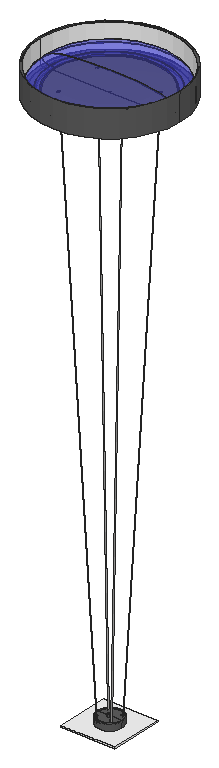
Revit family "BE_50274.2_de_DE", category Leuchten, Revit 2015
Parameters (values of type "BEGA_50274.2_K4")
  built-in parameter 1150104 = 14.883 (stored number, unit not read)
  Wattage = 92.4 W
  Default Elevation = 0 mm
  built-in parameter 1150113 = 1 (stored number, unit not read)
  built-in parameter 1114218 = 1 (stored number, unit not read)
  Umgebungstemperatur = "25 °C"
  URL = "http://www.bega.de/produkt/50274.2"
  Typenkommentare = "© 2017 BEGA. Wir behalten uns das Recht vor, technische Änderungen ohne vorherige Ankündigung vorzunehmen."  # constant formula
  built-in parameter 1150134 = 12
  built-in parameter 1150109 = 1 (stored number, unit not read)
  Strom = ""
  built-in parameter 1150110 = 1 (stored number, unit not read)
  Spannung = 239.996 V
  Sonderanfertigung = no
  Seriennummer [instance] = "Hier können Sie die eindeutige Seriennummer für das Facility Management eintragen."
  Schutzklasse = "I"
  Schutzart = "IP 20"
  Scheinlast = 0 VA
  Produktdatenblatt = "http://www.bega.de/download/Xrfa/db/50274.2.db.de.pdf"
  Oberflächentemperatur = ""
  Neigungswinkel = 0.00°
  Modell = "50274.2K4"
  Material_35 = BEGA_Oberfläche_Samtschwarz_matt
  Material_34 = BEGA_Oberfläche_Samtweiss_matt
  Material_29 = BEGA_Oberfläche_Kupfer_matt
  Material_22 = BEGA_Oberfläche_Aluminium_matt
  Material_17 = BEGA_Reflektor
  Material_15 = BEGA_Leuchtmedium_matt
  Material_14 = BEGA_Kunststoff_opal
  Material_11 = BEGA_Glas_opal
  Material_09 = BEGA_Glas_klar
  Material_06 = BEGA_Oberfläche_Edelstahl_gebürstet
  Material_05 = BEGA_Oberfläche_Aluminium Guss
  Material_03 = BEGA_Oberfläche_Weiss_matt
  Material_02 = BEGA_Oberfläche_Silber_matt
  Material_01 [instance] = BEGA_Oberfläche_Grafit_matt
  M_W = no
  M_G = no
  M_A = no
  Logo = 0
  built-in parameter 1114217 = 1 (stored number, unit not read)
  built-in parameter 1150139 = (empty or 0)
  built-in parameter 1150105 = 1177.9 (stored number, unit not read)
  built-in parameter 1150114 = 1 (stored number, unit not read)
  Lumens = 14802.5 lm
  built-in parameter 1150115 = 1 (stored number, unit not read)
  Leuchtenlichtstrom = "10873 lm"
  Leuchtenanzahl = ""
  Lebensdauerkriterien = "L70B50 @ 25 °C = 500000 h"
  Lastklassifizierung = Beleuchtung
  built-in parameter 1150112 = 1 (stored number, unit not read)
  Lampenlichtstrom = "14800 lm"
  Lampe = "LED 92.4 W"
  LED_Modulbezeichnung = "4x LED-0704/940 "
  Hersteller = "BEGA"  # constant formula
  Halbstreuwinkel = ""
  Gewicht = "28.9 kg"
  Gebrauchslageneinschränkung [instance] = ""
  Frequenz = "0/50-60 Hz"
  Farbwiedergabeindex = "Ra > 90"
  Farbtemperaturverschiebung bei Dämpfen der Lampe = <Keine Auswahl>
  Farbtemperatur = "4000 K"
  Color Filter = 16777215
  built-in parameter 1150133 = 10 (stored number, unit not read)
  Energieeffizienzklasse = "LED A++ - A"
  built-in parameter 1150137 = (empty or 0)
  built-in parameter 1150132 = (empty or 0)
  ENEC = "ja"
  Dimmbar [instance] = "DALI"
  Datei für fotometrisches Netz = "BE_50274-2K4.IES"
  CE_Konformität = "ja"
  Bestellnummer = "50274.2K4"
  Beschreibung_Sonderanfertigung = "Hier können Sie Informationen zur Sonderanfertigung eintragen."
  Beschreibung = "Flächenpendelleuchte"
  built-in parameter 1150106 = 11.779 (stored number, unit not read)
  Befestigungsbohrung = ""
  Befestigungsabstand = ""
  Ballwurfsicher = ""
  BEGA_Intern_aus = yes
  BEGA_Intern_an = yes
  BEGA_Intern_Konstruktion = yes
  BEGA_Intern = yes
  BEGA_IES = yes
  BEGA_Dummy = no
  Anschlussleitung = ""
  Anschlussleistung [instance] = "102 W"
  Anschlusskasten = ""
  built-in parameter 1150107 = 4000 (stored number, unit not read)
  built-in parameter 1150102 = (empty or 0)
  built-in parameter 1150138 = (empty or 0)
  Aktualisierung = "2017-09-29T04:10:01"
  Abstand_zur_angestrahlten_Fläche [instance] = ""
  AC/DC = "AC/DC"
Types (2, lengths in mm): name | built-in parameter 1150104 | built-in parameter 1150134 | Modell | built-in parameter 1150105 | Lumens | Leuchtenlichtstrom | Lampenlichtstrom | LED_Modulbezeichnung | Farbtemperatur | Datei für fotometrisches Netz | Bestellnummer | built-in parameter 1150106 | built-in parameter 1150107
  BEGA_50274.2_K3 | 14.093 (stored number, unit not read) | (empty or 0) | "50274.2" | 1115.4 (stored number, unit not read) | 14017.1 lm | "10300 lm" | "14020 lm" | "4x LED-0704/930 " | "3000 K" | "BE_50274-2.IES" | "50274.2" | 11.154 (stored number, unit not read) | 3000 (stored number, unit not read)
  BEGA_50274.2_K4 | 14.883 (stored number, unit not read) | 12 | "50274.2K4" | 1177.9 (stored number, unit not read) | 14802.5 lm | "10873 lm" | "14800 lm" | "4x LED-0704/940 " | "4000 K" | "BE_50274-2K4.IES" | "50274.2K4" | 11.779 (stored number, unit not read) | 4000 (stored number, unit not read)
Reference planes
  plane 1 "Mitte (Vorne/Hinten)": y = 0
  plane 2: z = 0
  plane 3 "Mitte (Links/Rechts)": x = 0
  plane 4 "Links": x = -523
  plane 5 "Rechts": x = 523
  plane 6 "Unten": y = -523
  plane 7 "Oben": y = 523
  plane 8 "Vorne": z = 4380.449
  plane 9 "Hinten": z = 0
Forms (mm)
  Extrusion 1, solid, material "BEGA_Platte_Weiss"
    sketch origin (0, -1119.2, 0) x (1, 0, 0) y (0, 1, 0)
      loop
        line (-200, 1319.2) -> (-200, 919.2) -> (200, 919.2) -> (200, 1319.2) -> (-200, 1319.2)
    from 0 to -10
  Extrusion 2, solid, material "BEGA_Dummy_matt", visible <- "BEGA_Dummy"
    sketch origin (77.149, -76.023, 0) x (1, 0, 0) y (0, 1, 0)
      loop
        circle (-77.149, 76.023) r 523
    from 0 to 4380.449
Dimensions and locks
  plane 1 "Mitte (Vorne/Hinten)" to Extrusion 1 = 200 mm
  aligned and locked: plane 2 to Extrusion 1
  aligned and locked: level to Extrusion 1
Nested families
  nested 1: "BE_50274.2" at (0, 0, 0), type "BE_50274.2"
Connectors
  electrical at (0, 0, 0), driven by "Lastklassifizierung", driven by "Spannung", driven by "Scheinlast"
    settings: index 1, voltage 239.996 V, apparent load 0 VA, apparent load phase1 0 VA, apparent load phase2 0 VA, apparent load phase3 0 VA, power factor 1, load classification "Beleuchtung", number of poles 1, system type 31, power factor state 1, is connector primary yes, connector utility no, sub classification motor no, connector description ""
Definition of nested family "BE_50274.2"
  Parameters (values of type "BE_50274.2")
    Default Elevation = 1 mm
    URL = "http://www.bega.de/de/produkt"
    Type Comments = "© 2015 BEGA. Wir behalten uns das Recht vor, technische Änderungen ohne vorherige Ankündigung vorzunehmen. "  # constant formula
    Type Image = (empty or 0)
    Neigungswinkel_um_Z2 = 0.00°
    Neigungswinkel_um_Z1 = 0.00°
    Neigungswinkel_um_Y2 = 0.00°
    Neigungswinkel_um_Y1 = 0.00°
    Neigungswinkel_um_X2 = 0.00°
    Neigungswinkel_um_X1 = 0.00°
    Material_35 = none
    Material_34 = none
    Material_29 = none
    Material_22 = none
    Material_17 = none
    Material_15 = none
    Material_14 = none
    Material_11 = none
    Material_09 = none
    Material_06 = none
    Material_05 = none
    Material_03 = none
    Material_02 = none
    Material_01 = none
    M_W = yes
    M_G = yes
    M_A = yes
    Länge_Platte = 400 mm  # constant formula
    Höhe_Platte = -10 mm  # constant formula
    Manufacturer = "BEGA"  # constant formula
    Drehwinkel_um_Z2 = 0.00°
    Drehwinkel_um_Z1 = 0.00°
    Breite_Platte = 400 mm  # constant formula
  Reference planes
    plane 1 "Mitte (Oben/Unten)": y = 0
    plane 2: z = 0
    plane 3 "Mitte (Links/Rechts)": x = 0
    plane 4: x = -523
    plane 5: x = 523
    plane 6: z = 0
    plane 7: z = 4380.449
    plane 8: y = -523
    plane 9: y = 523
  Forms (mm)
    Extrusion 1, solid, detail levels medium
      sketch origin (0, 0, 0) x (1, 0, 0) y (0, 1, 0)
        loop
          line (-200, 200) -> (-200, -200) -> (200, -200) -> (200, 200) -> (-200, 200)
      from 0 to -10 <- "Höhe_Platte"
    Revolve 2, solid, material <- "Material_35", detail levels medium+fine
      sketch origin (0, 0, 0) x (1, 0, 0) y (0, 0, 1)
        loop
          arc (-91.5, 50) -> (-92.914, 49.414) -> (-93.5, 48) r 2
          line (-93.5, 48) -> (-93.5, 0) -> (-91.5, 0) -> (-91.5, 47)
          arc (-91.5, 47) -> (-91.207, 47.707) -> (-90.5, 48) r 1
          line (-90.5, 48) -> (0, 48) -> (0, 60.25) -> (-13, 60.25) -> (-14, 59.25) -> (-14, 50) -> (-91.5, 50)
        axis (0, 60.25) -> (0, 0)
      angle from 0 to 360
    Extrusion 3, void
      sketch origin (0, 0, 0) x (1, 0, 0) y (0, 1, 0)
        loop
          arc (54.784, -52.663) -> (47.906, -47.906) -> (52.663, -54.784) r 4.25
          line (52.663, -54.784) -> (61.165, -63.286)
          arc (61.165, -63.286) -> (63.289, -63.283) -> (63.281, -61.159) r 1.5
          line (63.281, -61.159) -> (54.784, -52.663)
        loop
          line (54.784, 52.663) -> (63.281, 61.159)
          arc (63.281, 61.159) -> (63.289, 63.283) -> (61.165, 63.286) r 1.5
          line (61.165, 63.286) -> (52.663, 54.784)
          arc (52.663, 54.784) -> (47.906, 47.906) -> (54.784, 52.663) r 4.25
        loop
          line (-54.784, -52.663) -> (-63.281, -61.159)
          arc (-63.281, -61.159) -> (-63.289, -63.283) -> (-61.165, -63.286) r 1.5
          line (-61.165, -63.286) -> (-52.663, -54.784)
          arc (-52.663, -54.784) -> (-47.906, -47.906) -> (-54.784, -52.663) r 4.25
        loop
          arc (-54.784, 52.663) -> (-47.906, 47.906) -> (-52.663, 54.784) r 4.25
          line (-52.663, 54.784) -> (-61.165, 63.286)
          arc (-61.165, 63.286) -> (-63.289, 63.283) -> (-63.281, 61.159) r 1.5
          line (-63.281, 61.159) -> (-54.784, 52.663)
      from 44.935 to 51.04
    Revolve 4, solid, material <- "Material_35", detail levels medium+fine
      sketch origin (0, 0, 0) x (0.707107, -0.707107, 0) y (0, 0, 1)
        loop
          line (53.5, 50) -> (56.4, 50) -> (56.4, 52.002)
          arc (56.4, 52.002) -> (56.254, 52.354) -> (55.902, 52.5) r 0.5
          line (55.902, 52.5) -> (54, 52.5)
          arc (54, 52.5) -> (53.646, 52.353) -> (53.5, 51.999) r 0.5
          line (53.5, 51.999) -> (53.5, 50)
        axis (60, 50) -> (60, 52.5)
      angle from 0 to 360
    Revolve 5, void
      sketch origin (0, 0, 0) x (1, 0, 0) y (0, 0, 1)
        loop
          line (-90.967, 22) -> (-93.748, 22) -> (-93.748, 20) -> (-90.967, 20) -> (-90.967, 22)
        axis (-90.967, 20) -> (-93.748, 20)
      angle from 0 to 360
    Revolve 6, solid, material <- "Material_06", detail levels medium+fine
      sketch origin (-15.442, -14.912, 0.502) x (0.707049, 0.707107, 0.009009) y (-0.012741, 0, 0.999919)
        loop
          line (-235.545, 4199.101) -> (-53.848, 7.642) -> (-53.048, 7.676) -> (-234.746, 4199.135) -> (-235.545, 4199.101)
        axis (-234.746, 4199.135) -> (-53.048, 7.676)
      angle from 0 to 360
    Revolve 7, solid, material <- "Material_06", detail levels medium+fine
      sketch origin (15.442, -14.912, 0.502) x (-0.707049, 0.707107, 0.009009) y (-0.012741, 0, -0.999919)
        loop
          line (-235.498, -4198.021) -> (-234.699, -4198.056) -> (-53.048, -7.676) -> (-53.848, -7.642) -> (-235.498, -4198.021)
        axis (-234.699, -4198.056) -> (-53.048, -7.676)
      angle from 0 to 360
    Revolve 8, solid, material <- "Material_06", detail levels medium+fine
      sketch origin (-15.442, 14.912, 0.502) x (0.707049, -0.707107, 0.009009) y (0.012741, 0, -0.999919)
        loop
          line (-235.55, -4199.214) -> (-234.751, -4199.249) -> (-53.048, -7.676) -> (-53.848, -7.642) -> (-235.55, -4199.214)
        axis (-234.751, -4199.249) -> (-53.048, -7.676)
      angle from 0 to 360
    Revolve 9, solid, material <- "Material_06", detail levels medium+fine
      sketch origin (15.442, 14.912, 0.502) x (-0.707049, -0.707107, 0.009009) y (0.012741, 0, 0.999919)
        loop
          line (-235.497, 4198.002) -> (-53.848, 7.642) -> (-53.048, 7.676) -> (-234.698, 4198.037) -> (-235.497, 4198.002)
        axis (-234.698, 4198.037) -> (-53.048, 7.676)
      angle from 0 to 360
    Revolve 10, solid
      sketch origin (0, 0, 0) x (1, 0, 0) y (0, 0, 1)
        loop
          line (-434.786, 4183.05) -> (-434.786, 4186.05) -> (-514.87, 4186.05) -> (-514.87, 4183.05) -> (-434.786, 4183.05)
        axis (0, 4183.05) -> (0, 4186.05)
      angle from 0 to 360
    Revolve 11, solid, material <- "Material_35", detail levels medium+fine
      sketch origin (0, 0, 0) x (1, 0, 0) y (0, 0, 1)
        loop
          line (-514.87, 4183.05) -> (-434.786, 4183.05) -> (-434.786, 4186.05) -> (-514.87, 4186.05) -> (-514.87, 4183.05)
        loop
          line (-439.786, 4197.249) -> (-439.786, 4195.249) -> (-439.786, 4189.449) -> (-438.471, 4189.449) -> (-438.471, 4195.249) -> (0, 4195.249) -> (0, 4197.249) -> (-439.786, 4197.249)
        axis (0, 4183.05) -> (0, 4197.249)
      angle from 0 to 360
    Revolve 12, solid, material <- "Material_35", detail levels medium+fine
      sketch origin (0, 0, 0) x (1, 0, 0) y (0, 0, 1)
        loop
          line (-523, 4380.449) -> (-523, 4180.449) -> (-519, 4180.449) -> (-519, 4189.449) -> (-489, 4189.449) -> (-489, 4193.449) -> (-519, 4193.449) -> (-519, 4376.949) -> (-514, 4376.949) -> (-514, 4380.449) -> (-523, 4380.449)
        axis (0, 4180.449) -> (0, 4380.449)
      angle from 0 to 360
    Revolve 13, solid, material <- "Material_22", detail levels medium+fine
      sketch origin (0, 0, 0) x (1, 0, 0) y (0, 0, 1)
        loop
          line (-517.5, 4376.949) -> (-519, 4376.949) -> (-519, 4196.949) -> (-517.5, 4196.949) -> (-517.5, 4376.949)
        axis (0, 4196.949) -> (0, 4376.949)
      angle from 0 to 360
    Revolve 14, solid, material <- "Material_14", detail levels medium+fine
      sketch origin (0, 0, 0) x (1, 0, 0) y (0, 0, 1)
        loop
          spline (-0.037, 4344.95) -> (-76.774, 4344.252) -> (-147.86, 4342.163) -> (-213.023, 4338.69) -> (-272.015, 4333.847) -> (-324.609, 4327.653) -> (-370.604, 4320.131) -> (-409.825, 4311.309) -> (-442.122, 4301.222) -> (-467.371, 4289.909) -> (-485.475, 4277.411) -> (-496.365, 4263.778) -> (-500, 4249.061)
          spline (-500, 4249.061) -> (-499.554, 4244.812) -> (-498.221, 4240.618) -> (-496.015, 4236.526) -> (-492.961, 4232.582) -> (-489.093, 4228.828) -> (-484.453, 4225.306) -> (-479.092, 4222.056) -> (-473.07, 4219.112) -> (-466.454, 4216.509) -> (-459.316, 4214.273) -> (-451.735, 4212.43) -> (-443.795, 4211.001)
          arc (-443.795, 4211.001) -> (-441.927, 4211.143) -> (-440.329, 4212.121) r 4
          line (-440.329, 4212.121) -> (-439.095, 4213.354)
          arc (-439.095, 4213.354) -> (-438.445, 4213.794) -> (-437.676, 4213.949) r 2
          line (-437.676, 4213.949) -> (-404.329, 4213.949) -> (-401.442, 4208.949) -> (-396.823, 4208.949) -> (-400.159, 4214.726)
          arc (-400.159, 4214.726) -> (-402.368, 4217.081) -> (-405.477, 4217.95) r 6
          line (-405.477, 4217.95) -> (-437.684, 4217.95)
          arc (-437.684, 4217.95) -> (-439.973, 4217.49) -> (-441.914, 4216.192) r 6
          line (-441.914, 4216.192) -> (-443.157, 4214.95)
          spline (-443.157, 4214.95) -> (-450.871, 4216.337) -> (-458.214, 4218.12) -> (-465.099, 4220.272) -> (-471.441, 4222.767) -> (-477.164, 4225.561) -> (-482.197, 4228.61) -> (-486.476, 4231.864) -> (-489.972, 4235.255) -> (-492.665, 4238.712) -> (-494.545, 4242.175) -> (-495.643, 4245.626) -> (-496, 4249.061)
          spline (-496, 4249.061) -> (-492.806, 4261.955) -> (-482.79, 4274.442) -> (-465.447, 4286.4) -> (-440.728, 4297.474) -> (-408.803, 4307.442) -> (-369.85, 4316.199) -> (-324.058, 4323.691) -> (-271.619, 4329.867) -> (-212.755, 4334.699) -> (-147.696, 4338.166) -> (-76.697, 4340.252) -> (-0.037, 4340.95)
          line (-0.037, 4340.95) -> (-0.037, 4344.95)
        axis (-0.037, 4344.95) -> (-0.037, 4208.949)
      angle from 0 to 360
    Revolve 15, void
      sketch origin (0, 0, 0) x (1, 0, 0) y (0, 0, 1)
        loop
          line (-8, 4197.249) -> (-8, 4194.949) -> (0, 4194.949) -> (0, 4197.249) -> (-8, 4197.249)
        axis (0, 4194.949) -> (0, 4197.249)
      angle from 0 to 360
    Revolve 16, solid, material <- "Material_06", detail levels medium+fine
      sketch origin (0, -180, 0) x (1, 0, 0) y (0, 0, 1)
        loop
          arc (-242.96, 4195.249) -> (-242.064, 4193.483) -> (-240.794, 4191.964) r 8.75
          line (-240.794, 4191.964) -> (-234.76, 4191.964) -> (-234.76, 4195.249) -> (-242.96, 4195.249)
        axis (-234.76, 4191.964) -> (-234.76, 4195.249)
      angle from 0 to 360
    Revolve 17, solid, material <- "Material_06", detail levels medium+fine
      sketch origin (0, -180, 0) x (-1, 0, 0) y (0, 0, -1)
        loop
          line (-242.96, -4195.249) -> (-234.76, -4195.249) -> (-234.76, -4191.964) -> (-240.794, -4191.964)
          arc (-240.794, -4191.964) -> (-242.064, -4193.483) -> (-242.96, -4195.249) r 8.75
        axis (-234.76, -4191.964) -> (-234.76, -4195.249)
      angle from 0 to 360
    Revolve 18, solid, material <- "Material_06", detail levels medium+fine
      sketch origin (0, 180, 0) x (1, 0, 0) y (0, 0, -1)
        loop
          line (-242.96, -4195.249) -> (-234.76, -4195.249) -> (-234.76, -4191.964) -> (-240.794, -4191.964)
          arc (-240.794, -4191.964) -> (-242.064, -4193.483) -> (-242.96, -4195.249) r 8.75
        axis (-234.76, -4191.964) -> (-234.76, -4195.249)
      angle from 0 to 360
    Revolve 19, solid, material <- "Material_06", detail levels medium+fine
      sketch origin (0, 180, 0) x (-1, 0, 0) y (0, 0, 1)
        loop
          arc (-242.96, 4195.249) -> (-242.064, 4193.483) -> (-240.794, 4191.964) r 8.75
          line (-240.794, 4191.964) -> (-234.76, 4191.964) -> (-234.76, 4195.249) -> (-242.96, 4195.249)
        axis (-234.76, 4191.964) -> (-234.76, 4195.249)
      angle from 0 to 360
  Cuts and joins
    Extrusion 3, Revolve 5 cuts Revolve 2
    Revolve 5 cuts Revolve 4
    joined: Revolve 2, Revolve 4
    joined: Revolve 6, Revolve 7, Revolve 8, Revolve 9, Revolve 16, Revolve 17, Revolve 18, Revolve 19
    Revolve 15 cuts Revolve 11
  Dimensions and locks
    equal spacing: Extrusion 1 sketch curve, plane 3 "Mitte (Links/Rechts)", Extrusion 1 sketch curve
    equal spacing: Extrusion 1 sketch curve, plane 1 "Mitte (Oben/Unten)", Extrusion 1 sketch curve
    "Länge_Platte": Extrusion 1 sketch curve to Extrusion 1 sketch curve
    "Breite_Platte": Extrusion 1 sketch curve to Extrusion 1 sketch curve
    aligned and locked: plane 2 to Extrusion 1
    aligned and locked: level to Extrusion 1
  Automatic sketch dimensions
    Revolve 2 sketch curve to level = 0 mm
    Revolve 2 sketch curve to plane 3 "Mitte (Links/Rechts)" = 0 mm  (x2)
    Revolve 2 sketch curve to Revolve 2 sketch curve = 13 mm
    Revolve 2 sketch curve to Revolve 2 sketch curve = 1 mm  (x3)
    Revolve 2 sketch curve to Revolve 2 sketch curve = 0 mm  (x8)
    Revolve 2 sketch curve to Revolve 2 sketch curve = 2 mm  (x4)
    Revolve 2 sketch curve to Revolve 2 sketch curve = 9.25 mm
    Revolve 2 sketch curve to Revolve 2 sketch curve = 12.25 mm
    Revolve 2 sketch curve to Revolve 2 sketch curve = 8 mm
    Extrusion 3 sketch curve to Extrusion 3 sketch curve = 1.055 mm  (x4)
    Extrusion 3 sketch curve to Extrusion 3 sketch curve = 8.497 mm  (x4)
    Extrusion 3 sketch curve to Extrusion 3 sketch curve = 2.121 mm  (x6)
    Extrusion 3 sketch curve to Extrusion 3 sketch curve = 1.751 mm  (x6)
    plane 3 "Mitte (Links/Rechts)" to Extrusion 3 sketch curve = 50.912 mm  (x2)
    Extrusion 3 sketch curve to Extrusion 3 sketch curve = 9.563 mm  (x2)
    Extrusion 3 sketch curve to Extrusion 3 sketch curve = 1.066 mm  (x4)
    Extrusion 3 sketch curve to Extrusion 3 sketch curve = 7.441 mm  (x2)
    Extrusion 3 sketch curve to plane 1 "Mitte (Oben/Unten)" = 50.912 mm  (x2)
    Extrusion 3 sketch curve to Extrusion 3 sketch curve = 1.061 mm  (x4)
    Extrusion 3 sketch curve to Extrusion 3 sketch curve = 0 mm  (x8)
    Revolve 4 sketch curve to Revolve 4 sketch curve = 0.5 mm  (x2)
    Revolve 4 sketch curve to Revolve 4 sketch curve = 1.9 mm
    Revolve 4 sketch curve to Revolve 4 sketch curve = 0.002 mm  (x2)
    Revolve 4 sketch curve to Revolve 4 sketch curve = 2 mm
    Revolve 4 sketch curve to Revolve 4 sketch curve = 0 mm  (x3)
    Revolve 4 sketch curve to Revolve 4 sketch curve = 3.6 mm
    Revolve 4 sketch curve to Revolve 4 sketch curve = 0.693 mm
    Revolve 4 sketch curve to Revolve 4 sketch curve = 3.19 mm
    Revolve 5 sketch curve to Revolve 5 sketch curve = 2.781 mm
    level to Revolve 5 sketch curve = 20 mm
    Revolve 5 sketch curve to Revolve 5 sketch curve = 2 mm
    Revolve 5 sketch curve to Revolve 5 sketch curve = 1.752 mm
    Revolve 5 sketch curve to Revolve 5 sketch curve = 0 mm  (x2)
    Revolve 6 sketch curve to Revolve 6 sketch curve = 0.799 mm  (x2)
    Revolve 6 sketch curve to Revolve 6 sketch curve = 181.697 mm
    Revolve 6 sketch curve to Revolve 6 sketch curve = 4191.459 mm
    Revolve 6 sketch curve to Revolve 6 sketch curve = 0.678 mm
    Revolve 6 sketch curve to Revolve 6 sketch curve = 0.791 mm
    Revolve 6 sketch curve to Revolve 6 sketch curve = 33.873 mm
    Revolve 6 sketch curve to Revolve 6 sketch curve = 15.637 mm
    Revolve 7 sketch curve to Revolve 7 sketch curve = 0.799 mm
    Revolve 7 sketch curve to Revolve 7 sketch curve = 181.651 mm
    Revolve 7 sketch curve to Revolve 7 sketch curve = 4190.379 mm
    Revolve 7 sketch curve to Revolve 7 sketch curve = 0.631 mm
    Revolve 7 sketch curve to Revolve 7 sketch curve = 0.791 mm
    Revolve 7 sketch curve to Revolve 7 sketch curve = 14.557 mm
    Revolve 7 sketch curve to Revolve 7 sketch curve = 18.237 mm
    Revolve 8 sketch curve to Revolve 8 sketch curve = 0.799 mm
    Revolve 8 sketch curve to Revolve 8 sketch curve = 181.702 mm
    Revolve 8 sketch curve to Revolve 8 sketch curve = 4191.573 mm
    Revolve 8 sketch curve to Revolve 8 sketch curve = 0.683 mm
    Revolve 8 sketch curve to Revolve 8 sketch curve = 0.791 mm
    Revolve 8 sketch curve to Revolve 8 sketch curve = 15.75 mm
    Revolve 8 sketch curve to Revolve 8 sketch curve = 18.237 mm
    Revolve 9 sketch curve to Revolve 9 sketch curve = 0.799 mm  (x2)
    Revolve 9 sketch curve to Revolve 9 sketch curve = 181.65 mm
    Revolve 9 sketch curve to Revolve 9 sketch curve = 4190.361 mm
    Revolve 9 sketch curve to Revolve 9 sketch curve = 0.63 mm
    Revolve 9 sketch curve to Revolve 9 sketch curve = 0.791 mm
    Revolve 9 sketch curve to Revolve 9 sketch curve = 32.775 mm
    Revolve 9 sketch curve to Revolve 9 sketch curve = 14.538 mm
    Revolve 10 sketch curve to plane 3 "Mitte (Links/Rechts)" = 0 mm
    Revolve 10 sketch curve to Revolve 10 sketch curve = 80.083 mm
    Revolve 10 sketch curve to Revolve 10 sketch curve = 3 mm
    Revolve 10 sketch curve to Revolve 10 sketch curve = 70 mm
    Revolve 10 sketch curve to Revolve 10 sketch curve = 100 mm
    Revolve 11 sketch curve to plane 3 "Mitte (Links/Rechts)" = 0 mm  (x2)
    Revolve 11 sketch curve to Revolve 11 sketch curve = 3.685 mm
    Revolve 11 sketch curve to Revolve 11 sketch curve = 1.315 mm
    Revolve 11 sketch curve to Revolve 11 sketch curve = 75.083 mm
    Revolve 11 sketch curve to Revolve 11 sketch curve = 3 mm
    Revolve 11 sketch curve to Revolve 11 sketch curve = 3.4 mm
    Revolve 11 sketch curve to Revolve 11 sketch curve = 5.8 mm
    Revolve 11 sketch curve to Revolve 11 sketch curve = 9.2 mm
    Revolve 11 sketch curve to Revolve 11 sketch curve = 2 mm
    Revolve 11 sketch curve to Revolve 11 sketch curve = 142.2 mm
    Revolve 11 sketch curve to Revolve 11 sketch curve = 30.8 mm
    Revolve 12 sketch curve to plane 3 "Mitte (Links/Rechts)" = 0 mm
    Revolve 12 sketch curve to Revolve 12 sketch curve = 25 mm
    Revolve 12 sketch curve to Revolve 12 sketch curve = 30 mm
    Revolve 12 sketch curve to Revolve 12 sketch curve = 5 mm
    Revolve 12 sketch curve to Revolve 12 sketch curve = 4 mm  (x2)
    Revolve 12 sketch curve to Revolve 12 sketch curve = 9 mm
    Revolve 12 sketch curve to Revolve 12 sketch curve = 183.5 mm
    Revolve 12 sketch curve to Revolve 12 sketch curve = 3.5 mm
    Revolve 12 sketch curve to Revolve 12 sketch curve = 105 mm
    Revolve 12 sketch curve to Revolve 12 sketch curve = 49.939 mm
    Revolve 13 sketch curve to plane 3 "Mitte (Links/Rechts)" = 0 mm
    Revolve 13 sketch curve to Revolve 13 sketch curve = 1.5 mm
    Revolve 13 sketch curve to Revolve 13 sketch curve = 180 mm
    Revolve 13 sketch curve to Revolve 13 sketch curve = 55 mm
    Revolve 13 sketch curve to Revolve 13 sketch curve = 95 mm
    Revolve 14 sketch curve to Revolve 14 sketch curve = 52.843 mm
    Revolve 14 sketch curve to Revolve 14 sketch curve = 0 mm  (x12)
    Revolve 14 sketch curve to Revolve 14 sketch curve = 4.061 mm
    Revolve 14 sketch curve to Revolve 14 sketch curve = 1.412 mm
    Revolve 14 sketch curve to Revolve 14 sketch curve = 1.42 mm
    Revolve 14 sketch curve to Revolve 14 sketch curve = 1.424 mm
    Revolve 14 sketch curve to Revolve 14 sketch curve = 32.206 mm
    Revolve 14 sketch curve to Revolve 14 sketch curve = 1.149 mm
    Revolve 14 sketch curve to Revolve 14 sketch curve = 4.035 mm
    Revolve 14 sketch curve to Revolve 14 sketch curve = 4.17 mm
    Revolve 14 sketch curve to Revolve 14 sketch curve = 4.619 mm
    Revolve 14 sketch curve to plane 3 "Mitte (Links/Rechts)" = 0.037 mm
    Revolve 14 sketch curve to Revolve 14 sketch curve = 3 mm
    Revolve 14 sketch curve to Revolve 14 sketch curve = 1.405 mm
    Revolve 14 sketch curve to Revolve 14 sketch curve = 0.777 mm
    Revolve 14 sketch curve to Revolve 14 sketch curve = 1.595 mm
    Revolve 14 sketch curve to Revolve 14 sketch curve = 34.112 mm
    Revolve 14 sketch curve to Revolve 14 sketch curve = 132 mm
    Revolve 14 sketch curve to Revolve 14 sketch curve = 4 mm  (x2)
    Revolve 14 sketch curve to Revolve 14 sketch curve = 0.638 mm
    Revolve 14 sketch curve to Revolve 14 sketch curve = 1.243 mm
    Revolve 14 sketch curve to Revolve 14 sketch curve = 1.233 mm
    Revolve 14 sketch curve to Revolve 14 sketch curve = 13.744 mm
    Revolve 14 sketch curve to Revolve 14 sketch curve = 61.714 mm
    Revolve 14 sketch curve to Revolve 14 sketch curve = 1900.476 mm
    Revolve 14 sketch curve to Revolve 14 sketch curve = 360.53 mm
    Revolve 14 sketch curve to Revolve 14 sketch curve = 3.949 mm
    Revolve 14 sketch curve to Revolve 14 sketch curve = 23.438 mm
    Revolve 15 sketch curve to plane 3 "Mitte (Links/Rechts)" = 0 mm  (x2)
    Revolve 15 sketch curve to Revolve 15 sketch curve = 8 mm
    Revolve 15 sketch curve to Revolve 15 sketch curve = 2.3 mm
    Revolve 15 sketch curve to Revolve 15 sketch curve = 0 mm  (x2)
    Revolve 16 sketch curve to Revolve 16 sketch curve = 2.166 mm
    Revolve 16 sketch curve to Revolve 16 sketch curve = 6.035 mm
    Revolve 16 sketch curve to Revolve 16 sketch curve = 0 mm  (x4)
    Revolve 16 sketch curve to Revolve 16 sketch curve = 3.285 mm
    Revolve 17 sketch curve to Revolve 17 sketch curve = 2.166 mm
    Revolve 17 sketch curve to Revolve 17 sketch curve = 6.035 mm
    Revolve 17 sketch curve to Revolve 17 sketch curve = 0 mm  (x4)
    Revolve 17 sketch curve to Revolve 17 sketch curve = 3.051 mm
    Revolve 18 sketch curve to Revolve 18 sketch curve = 2.166 mm
    Revolve 18 sketch curve to Revolve 18 sketch curve = 6.035 mm
    Revolve 18 sketch curve to Revolve 18 sketch curve = 0 mm  (x4)
    Revolve 18 sketch curve to Revolve 18 sketch curve = 3.051 mm
    Revolve 19 sketch curve to Revolve 19 sketch curve = 2.166 mm
    Revolve 19 sketch curve to Revolve 19 sketch curve = 6.035 mm
    Revolve 19 sketch curve to Revolve 19 sketch curve = 0 mm  (x4)
    Revolve 19 sketch curve to Revolve 19 sketch curve = 3.285 mm
    level to Revolve 2 sketch curve = 47 mm
    level to Revolve 4 sketch curve = 50 mm
    Revolve 10 sketch curve to plane 7 = 197.4 mm
    Revolve 11 sketch curve to plane 7 = 197.4 mm
    Revolve 12 sketch curve to plane 7 = 0 mm
    Revolve 13 sketch curve to plane 7 = 183.5 mm
    Revolve 14 sketch curve to plane 7 = 171.5 mm
    Revolve 15 sketch curve to plane 7 = 185.5 mm
    Revolve 16 sketch curve to plane 7 = 188.485 mm
    Revolve 17 sketch curve to plane 7 = 182.149 mm
    Revolve 18 sketch curve to plane 7 = 182.149 mm
    Revolve 19 sketch curve to plane 7 = 188.485 mm
    plane 1 "Mitte (Oben/Unten)" to Extrusion 3 sketch curve = 50.912 mm  (x2)
    Revolve 2 sketch curve to Revolve 2 sketch curve = 76.5 mm
    Extrusion 3 sketch curve to plane 3 "Mitte (Links/Rechts)" = 50.912 mm  (x2)
    Revolve 5 sketch curve to plane 3 "Mitte (Links/Rechts)" = 93.748 mm
    plane 4 to Revolve 10 sketch curve = 88.214 mm
    plane 4 to Revolve 11 sketch curve = 88.214 mm
    Revolve 12 sketch curve to plane 4 = 0 mm
    plane 4 to Revolve 13 sketch curve = 5.5 mm
    Revolve 16 sketch curve to plane 3 "Mitte (Links/Rechts)" = 242.96 mm
    Revolve 18 sketch curve to plane 3 "Mitte (Links/Rechts)" = 242.96 mm
    plane 4 to Revolve 14 sketch curve = 126.177 mm
    plane 3 "Mitte (Links/Rechts)" to Revolve 17 sketch curve = 242.96 mm
    plane 3 "Mitte (Links/Rechts)" to Revolve 19 sketch curve = 242.96 mm
